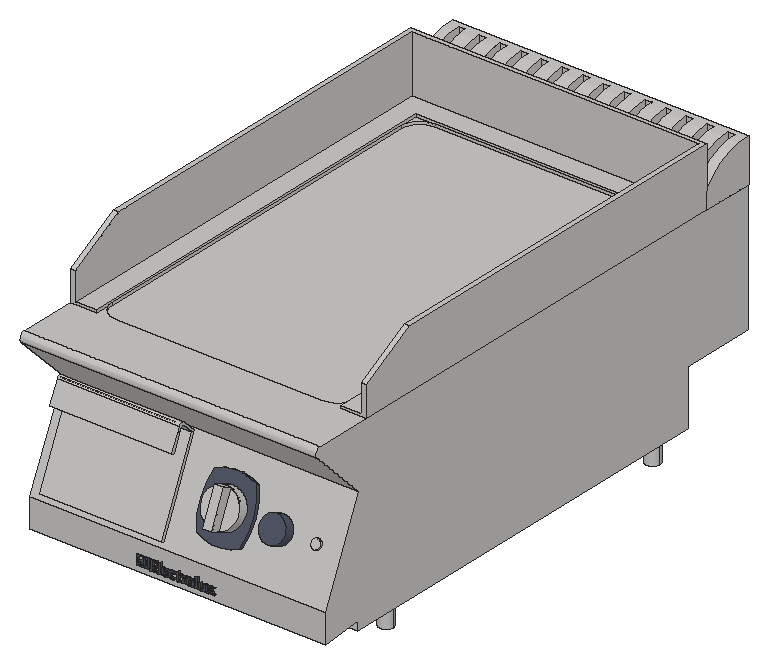
Revit family "QF_ELECTROLUXPROFESSIONAL_Professional_371320_E7IIKAAOMCA", category Specialty Equipment, Revit 2018
Family settings
  Round Connector Dimension = Use Diameter
  Part Type = Normal
  Work Plane-Based = No
  Always vertical = Yes
  Cut with Voids When Loaded = No
  Shared = No
  Room Calculation Point = No
Parameters
  Width = 400.05 mm  # constant formula
  Weight in Pounds = 88  # constant formula
  Watts = 0 W
  URL Cutsheet = "www.electrolux.com/foodservice"
  URL = "www.electrolux.com/foodservice"
  Type Mark [instance] = ""
  Status [instance] = ""
  Specification by User [instance] = ""
  Specification by Manufacturer = ""
  Show Logo [instance] = yes
  Show Clearance [instance] = yes
  Serial Number = ""
  Seismic Rating = ""
  SMACNA No = ""
  Revision Code [instance] = ""
  Omniclass Number and Title = ""
  NAFEM Spec ID Number = ""
  Model = "371029"
  Mechanical Remarks = ""
  Mechanical Connection Type = ""
  Masterspec = ""
  Manufacturer = "ELECTROLUX"
  Item Number [instance] = ""
  Installed By [instance] = ""
  Identify Quantity as Lot [instance] = yes
  Height = 355 mm  # constant formula
  HP = "0 HP"
  Gas Size = 12.7 mm  # 1/2"
  Gas RI Height [instance] = 0 mm
  Gas KW = 7  # constant formula
  Gas Input [instance] = 6993.55 VA  # 23863.0 Btu/h
  Gas Connection Height = 0 mm
  Furnished By [instance] = ""
  Foodservice Equipment Identifier [instance] = yes
  Direct Waste Size = 0"
  Description = "700XP Half Module Gas Fry Top, Smooth Plate, Mild Steel"
  Depth = 730.25 mm  # constant formula
  CSI MasterFormat = ""
  CSI Master Format = ""
  Base Height [instance] = 23.813 mm  # constant formula
  Assembly Code = ""
Reference planes
  plane 1 "BACK": y = 0
  plane 2: z = 0
  plane 3 "LEFT": x = 0
  plane 4 "RIGHT": x = 400.05
  plane 5 "FRONT": y = -730.25
  plane 6 "TOP": z = 288.925
  plane 7 "Center Y": x = 200.025
  plane 8 "Center X": y = -365.125
  plane 9 "BASE": z = 23.813
  plane 10 "TOP A": z = 274.638
  plane 11: y = -597.884
  plane 12: y = -147.637
  plane 13: z = 355
Forms (mm)
  Extrusion 1, solid, material "QF_Finishes_Stainless Steel"
    sketch origin (0, 0, 0) x (0, 1, 0) y (0, 0, 1)
      loop
        line (0, 274.638) -> (-722.794, 274.638)
        arc (-722.794, 274.638) -> (-729.611, 270.083) -> (-728.011, 262.042) r 7.378
        line (-728.011, 262.042) -> (-657.416, 191.447) -> (-713.772, 69.003) -> (-713.772, 30.903) -> (-660.4, 36.513) -> (-660.4, 23.812) -> (-101.6, 23.812) -> (-101.6, 98.425) -> (0, 98.425) -> (0, 274.638)
    from 0 to 400.05
  Extrusion 2, void
    sketch origin (0, -2.381, 274.638) x (-1, 0, 0) y (0, -1, 0)
      loop
        arc (-60.425, 102.504) -> (-42.464, 109.943) -> (-35.025, 127.904) r 25.4
        line (-35.025, 127.904) -> (-35.025, 617.104)
        arc (-35.025, 617.104) -> (-42.464, 635.064) -> (-60.425, 642.504) r 25.4
        line (-60.425, 642.504) -> (-339.625, 642.504)
        arc (-339.625, 642.504) -> (-357.586, 635.064) -> (-365.025, 617.104) r 25.4
        line (-365.025, 617.104) -> (-365.025, 127.904)
        arc (-365.025, 127.904) -> (-357.586, 109.943) -> (-339.625, 102.504) r 25.4
        line (-339.625, 102.504) -> (-60.425, 102.504)
    from 0 to -3.2
  Extrusion 3, solid, material "QF_Finishes_Stainless Steel"
    sketch origin (0, 0, 0) x (1, 0, 0) y (0, 1, 0)
      loop
        circle (11.112, -147.638) r 9.525
      loop
        circle (11.112, -597.884) r 9.525
      loop
        circle (388.937, -147.638) r 9.525
      loop
        circle (388.937, -597.884) r 9.525
    from 0 to 23.813
  Extrusion 4, solid, material "QF_Finishes_Navy Blue", visible <- "Show Logo"
    sketch origin (-141.676, -713.772, 30.903) x (0, 0, 1) y (-1, 0, 0)
      loop
        line (20.674, -296.698) -> (8.307, -296.698)
        arc (8.307, -296.698) -> (14.491, -301.27) -> (20.674, -296.698) r 6.467
      loop
        arc (20.674, -296.069) -> (19.505, -290.926) -> (14.849, -288.448) r 6.338
        line (14.849, -288.448) -> (14.849, -290.494)
        arc (14.849, -290.494) -> (16.333, -294.149) -> (19.778, -296.069) r 5.941
        line (19.778, -296.069) -> (20.674, -296.069)
      loop
        arc (9.203, -296.069) -> (12.648, -294.149) -> (14.132, -290.494) r 5.941
        line (14.132, -290.494) -> (14.132, -288.448)
        arc (14.132, -288.448) -> (9.438, -290.922) -> (8.148, -296.069) r 6.504
        line (8.148, -296.069) -> (9.203, -296.069)
      loop
        line (21.349, -287.979) -> (7.604, -287.979) -> (7.604, -301.742) -> (21.349, -301.742) -> (21.349, -287.979)
      loop
        arc (21.432, -304.71) -> (21.085, -304.352) -> (20.718, -304.69) r 0.358
        arc (20.718, -304.69) -> (20.404, -305.44) -> (19.687, -305.825) r 1.216
        line (19.687, -305.825) -> (9.274, -305.825)
        arc (9.274, -305.825) -> (8.614, -305.548) -> (8.218, -304.951) r 1.238
        arc (8.218, -304.951) -> (7.823, -304.7) -> (7.518, -305.054) r 0.358
        line (7.518, -305.054) -> (7.518, -314.933) -> (10.269, -314.933) -> (10.269, -314.036)
        arc (10.269, -314.036) -> (9.36, -313.456) -> (8.904, -312.479) r 1.928
        line (8.904, -312.479) -> (8.904, -309.98)
        arc (8.904, -309.98) -> (9.18, -309.251) -> (9.868, -308.887) r 1.101
        line (9.868, -308.887) -> (13.955, -308.887) -> (13.955, -312.561)
        arc (13.955, -312.561) -> (13.602, -313.058) -> (13.037, -313.286) r 1.083
        arc (13.037, -313.286) -> (12.773, -313.591) -> (13.065, -313.869) r 0.292
        line (13.065, -313.869) -> (16.028, -313.869)
        arc (16.028, -313.869) -> (16.33, -313.596) -> (16.092, -313.266) r 0.305
        arc (16.092, -313.266) -> (15.601, -313.018) -> (15.296, -312.561) r 1.083
        line (15.296, -312.561) -> (15.296, -308.887) -> (19.973, -308.887) -> (19.973, -312.635)
        arc (19.973, -312.635) -> (19.759, -313.39) -> (19.153, -313.888) r 1.314
        arc (19.153, -313.888) -> (18.934, -314.292) -> (19.288, -314.585) r 0.361
        line (19.288, -314.585) -> (21.432, -314.585) -> (21.432, -304.71)
      loop
        arc (20.715, -315.365) -> (20.335, -316.284) -> (19.416, -316.664) r 1.299
        line (19.416, -316.664) -> (9.837, -316.664)
        arc (9.837, -316.664) -> (8.999, -316.286) -> (8.728, -315.408) r 1.118
        line (8.728, -315.408) -> (7.518, -315.408) -> (7.518, -320.758) -> (8.706, -320.758)
        arc (8.706, -320.758) -> (8.978, -319.841) -> (9.848, -319.445) r 1.153
        line (9.848, -319.445) -> (21.92, -319.445) -> (20.715, -315.365)
      loop
        line (12.483, -323.394) -> (12.483, -329.842) -> (13.282, -329.842)
        arc (13.282, -329.842) -> (15.862, -328.857) -> (17.131, -326.404) r 3.874
        line (17.131, -326.404) -> (17.131, -324.643)
        arc (17.131, -324.643) -> (15.944, -321.778) -> (13.08, -320.592) r 4.051
        line (13.08, -320.592) -> (11.072, -320.592)
        arc (11.072, -320.592) -> (8.253, -322.077) -> (7.202, -325.084) r 4.352
        arc (7.202, -325.084) -> (7.566, -327.547) -> (8.943, -329.621) r 5.713
        line (8.943, -329.621) -> (9.892, -329.621)
        arc (9.892, -329.621) -> (9.16, -328.052) -> (8.943, -326.334) r 5.579
        arc (8.943, -326.334) -> (9.737, -324.371) -> (11.616, -323.394) r 3.057
        line (11.616, -323.394) -> (12.483, -323.394)
      loop
        line (13.742, -323.394) -> (13.742, -326.977)
        arc (13.742, -326.977) -> (15.199, -327.024) -> (16.082, -325.864) r 1.59
        line (16.082, -325.864) -> (16.082, -325.034)
        arc (16.082, -325.034) -> (15.217, -323.779) -> (13.742, -323.394) r 2.184
      loop
        arc (16.533, -339.259) -> (17.022, -337.585) -> (17.179, -335.848) r 9.023
        line (17.179, -335.848) -> (17.179, -334.486)
        arc (17.179, -334.486) -> (16.02, -331.686) -> (13.22, -330.527) r 3.959
        line (13.22, -330.527) -> (10.62, -330.527)
        arc (10.62, -330.527) -> (8.338, -331.819) -> (7.221, -334.192) r 4.331
        line (7.221, -334.192) -> (7.221, -336.327)
        arc (7.221, -336.327) -> (7.729, -337.877) -> (8.651, -339.223) r 5.772
        arc (8.651, -339.223) -> (9.412, -339.274) -> (9.499, -338.515) r 0.553
        arc (9.499, -338.515) -> (9.111, -337.781) -> (8.977, -336.962) r 2.573
        line (8.977, -336.962) -> (8.977, -335.447)
        arc (8.977, -335.447) -> (9.983, -333.806) -> (11.798, -333.163) r 2.884
        line (11.798, -333.163) -> (13.077, -333.163)
        arc (13.077, -333.163) -> (14.898, -333.723) -> (15.824, -335.388) r 2.554
        line (15.824, -335.388) -> (15.824, -336.441)
        arc (15.824, -336.441) -> (15.493, -337.369) -> (14.836, -338.104) r 2.564
        arc (14.836, -338.104) -> (14.614, -338.821) -> (15.223, -339.259) r 0.643
        line (15.223, -339.259) -> (16.533, -339.259)
      loop
        line (15.515, -339.53) -> (15.515, -341.031) -> (9.467, -341.031)
        arc (9.467, -341.031) -> (7.879, -341.688) -> (7.221, -343.276) r 2.246
        line (7.221, -343.276) -> (7.221, -344.86)
        arc (7.221, -344.86) -> (7.535, -345.725) -> (8.035, -346.496) r 4.06
        arc (8.035, -346.496) -> (8.768, -346.629) -> (9.019, -345.928) r 0.576
        arc (9.019, -345.928) -> (8.913, -345.403) -> (8.977, -344.87) r 1.69
        arc (8.977, -344.87) -> (9.519, -344.082) -> (10.425, -343.779) r 1.506
        line (10.425, -343.779) -> (15.563, -343.779) -> (15.563, -346.176) -> (16.119, -346.733) -> (16.941, -346.733) -> (16.941, -343.873) -> (20.172, -343.873) -> (15.515, -339.53)
      loop
        line (7.438, -347.63) -> (7.438, -353.017) -> (8.548, -353.017)
        arc (8.548, -353.017) -> (8.942, -352.066) -> (9.893, -351.672) r 1.345
        line (9.893, -351.672) -> (13.509, -351.672)
        arc (13.509, -351.672) -> (14.274, -352.264) -> (14.564, -353.186) r 1.615
        line (14.564, -353.186) -> (14.564, -354.742) -> (17.119, -355.427) -> (17.119, -354.044) -> (15.177, -351.485) -> (17.057, -351.485) -> (16.773, -348.779)
        arc (16.773, -348.779) -> (16.333, -348.249) -> (15.674, -348.45) r 0.621
        arc (15.674, -348.45) -> (15.274, -348.792) -> (14.78, -348.975) r 1.501
        line (14.78, -348.975) -> (9.893, -348.975)
        arc (9.893, -348.975) -> (8.942, -348.581) -> (8.548, -347.63) r 1.345
        line (8.548, -347.63) -> (7.438, -347.63)
      loop
        line (13.54, -354.964) -> (10.848, -354.964)
        arc (10.848, -354.964) -> (8.403, -356.272) -> (7.269, -358.803) r 4.288
        arc (7.269, -358.803) -> (7.205, -360.183) -> (7.269, -361.563) r 15.022
        arc (7.269, -361.563) -> (8.403, -364.094) -> (10.848, -365.401) r 4.288
        line (10.848, -365.401) -> (13.54, -365.401)
        arc (13.54, -365.401) -> (15.986, -364.094) -> (17.119, -361.563) r 4.288
        arc (17.119, -361.563) -> (17.183, -360.183) -> (17.119, -358.803) r 15.022
        arc (17.119, -358.803) -> (15.986, -356.272) -> (13.54, -354.964) r 4.288
      loop
        line (13.745, -358.078) -> (10.643, -358.078)
        arc (10.643, -358.078) -> (8.486, -360.235) -> (10.643, -362.392) r 2.157
        line (10.643, -362.392) -> (13.745, -362.392)
        arc (13.745, -362.392) -> (15.902, -360.235) -> (13.745, -358.078) r 2.157
      loop
        arc (20.726, -365.26) -> (20.355, -366.154) -> (19.461, -366.524) r 1.264
        line (19.461, -366.524) -> (9.597, -366.524)
        arc (9.597, -366.524) -> (8.727, -366.127) -> (8.455, -365.211) r 1.153
        line (8.455, -365.211) -> (7.518, -365.211) -> (7.518, -370.319) -> (8.446, -370.319)
        arc (8.446, -370.319) -> (8.805, -369.547) -> (9.597, -369.232) r 1.153
        line (9.597, -369.232) -> (21.92, -369.232) -> (20.726, -365.26)
      loop
        arc (15.846, -369.857) -> (15.647, -370.921) -> (14.678, -371.403) r 1.215
        line (14.678, -371.403) -> (9.658, -371.403)
        arc (9.658, -371.403) -> (8.043, -372.051) -> (7.322, -373.634) r 2.338
        line (7.322, -373.634) -> (7.322, -375.148)
        arc (7.322, -375.148) -> (7.497, -376.152) -> (7.999, -377.038) r 2.979
        line (7.999, -377.038) -> (7.518, -378.835) -> (7.518, -380.524) -> (16.943, -380.524) -> (16.649, -376.32) -> (15.863, -376.32)
        arc (15.863, -376.32) -> (15.507, -377.156) -> (14.755, -377.665) r 1.605
        line (14.755, -377.665) -> (9.652, -377.665)
        arc (9.652, -377.665) -> (9.232, -376.728) -> (9.159, -375.704) r 2.94
        arc (9.159, -375.704) -> (9.72, -374.603) -> (10.873, -374.16) r 1.724
        line (10.873, -374.16) -> (17.07, -374.16) -> (15.846, -369.857)
      loop
        line (16.874, -381.377) -> (15.202, -383.423) -> (12.028, -385.729) -> (8.572, -382.617)
        arc (8.572, -382.617) -> (8.335, -382.223) -> (8.357, -381.764) r 0.789
        line (8.357, -381.764) -> (7.518, -381.764) -> (7.518, -385.309) -> (8.344, -385.309)
        arc (8.344, -385.309) -> (8.686, -384.947) -> (9.176, -385.039) r 0.52
        line (9.176, -385.039) -> (10.976, -386.51) -> (8.858, -387.886)
        arc (8.858, -387.886) -> (8.457, -387.576) -> (8.37, -387.076) r 0.7
        line (8.37, -387.076) -> (7.518, -387.076) -> (7.518, -393.003) -> (8.405, -393.003)
        arc (8.405, -393.003) -> (8.472, -392.344) -> (8.866, -391.813) r 1.247
        line (8.866, -391.813) -> (13.066, -388.532) -> (15.513, -390.585) -> (16.874, -392.327) -> (16.874, -388.604) -> (15.389, -389.026) -> (13.868, -387.749) -> (15.568, -386.559) -> (16.874, -387.336) -> (16.874, -381.377)
    from 0 to 1.644
  Extrusion 5, solid, material "QF_Finishes_Stainless Steel"
    sketch origin (0, -101.6, 101.6) x (0, 0, -1) y (-1, 0, 0)
      loop
        circle (43.882, -347.663) r 6.35
    from 0 to 3.175
  Extrusion 6, solid, material "QF_Finishes_Clearance", visible <- "Show Clearance", detail levels coarse
    sketch origin (0, 0, 0) x (1, 0, 0) y (0, 1, 0)
      loop
        line (0, -730.25) -> (0, 0) -> (400.05, 0) -> (400.05, -730.25) -> (550.069, -730.25) -> (550.069, 150.019) -> (-150.019, 150.019) -> (-150.019, -730.25) -> (0, -730.25)
    from 0 to 355
  Extrusion 7, solid, material "QF_Finishes_Stainless Steel"
    sketch origin (0, 0, 0) x (0, 1, 0) y (0, 0, 1)
      loop
        line (-658.831, 188.372) -> (-675.238, 204.778)
        arc (-675.238, 204.778) -> (-679.705, 206.181) -> (-683.409, 203.316) r 5.058
        line (-683.409, 203.316) -> (-696.071, 175.806) -> (-693.187, 174.479) -> (-680.525, 201.989)
        arc (-680.525, 201.989) -> (-679.146, 203.055) -> (-677.483, 202.533) r 1.883
        line (-677.483, 202.533) -> (-662.64, 187.69) -> (-713.474, 77.245) -> (-710.589, 75.918) -> (-658.831, 188.372)
    from 12.7 to 177.8
  Extrusion 8, solid, material "QF_Finishes_Drawer Clearance", visible <- "Show Clearance", detail levels coarse
    sketch origin (0, -101.6, 0) x (0, 1, 0) y (0, 0, 1)
      loop
        line (-660.751, 174.479) -> (-648.089, 201.989)
        arc (-648.089, 201.989) -> (-646.71, 203.055) -> (-645.046, 202.533) r 1.883
        line (-645.046, 202.533) -> (-630.204, 187.69) -> (-681.037, 77.245) -> (-678.153, 75.918) -> (-608.989, 75.918) -> (-557.231, 188.372) -> (-573.638, 204.778)
        arc (-573.638, 204.778) -> (-574.873, 205.685) -> (-576.323, 206.181) r 5.058
        line (-576.323, 206.181) -> (-647.269, 206.181)
        arc (-647.269, 206.181) -> (-649.472, 205.203) -> (-650.973, 203.316) r 5.058
        line (-650.973, 203.316) -> (-663.635, 175.806) -> (-660.751, 174.479)
    from 12.7 to 177.8
  Extrusion 9, solid, material "QF_Finishes_Stainless Steel"
    sketch origin (0, 0, 0) x (0, 1, 0) y (0, 0, 1)
      loop
        line (0, 274.638) -> (0, 333.375)
        arc (0, 333.375) -> (-38.879, 324.991) -> (-69.85, 300.038) r 86.156
        line (-69.85, 300.038) -> (-69.85, 274.638) -> (0, 274.638)
    from 0 to 400.05
  Extrusion 10, void
    sketch origin (0, 0, 274.638) x (-1, 0, 0) y (0, -1, 0)
      loop
        line (-13.453, 6.761) -> (-13.453, 63.911) -> (-22.749, 63.911) -> (-22.749, 6.761) -> (-13.453, 6.761)
    from 25.4 to 63.5
  Extrusion 11, void
    sketch origin (400.05, 0, 274.638) x (1, 0, 0) y (0, 1, 0)
      loop
        line (-13.453, -6.761) -> (-22.749, -6.761) -> (-22.749, -63.911) -> (-13.453, -63.911) -> (-13.453, -6.761)
    from 25.4 to 63.5
  Extrusion 12, void
    sketch origin (27.988, 0, 274.638) x (-1, 0, 0) y (0, -1, 0)
      loop
        line (-13.453, 6.761) -> (-13.453, 63.911) -> (-22.749, 63.911) -> (-22.749, 6.761) -> (-13.453, 6.761)
    from 25.4 to 63.5
  Extrusion 13, void
    sketch origin (55.977, 0, 274.638) x (-1, 0, 0) y (0, -1, 0)
      loop
        line (-13.453, 6.761) -> (-13.453, 63.911) -> (-22.749, 63.911) -> (-22.749, 6.761) -> (-13.453, 6.761)
    from 25.4 to 63.5
  Extrusion 14, void
    sketch origin (83.965, 0, 274.638) x (-1, 0, 0) y (0, -1, 0)
      loop
        line (-13.453, 6.761) -> (-13.453, 63.911) -> (-22.749, 63.911) -> (-22.749, 6.761) -> (-13.453, 6.761)
    from 25.4 to 63.5
  Extrusion 15, void
    sketch origin (111.953, 0, 274.638) x (-1, 0, 0) y (0, -1, 0)
      loop
        line (-13.453, 6.761) -> (-13.453, 63.911) -> (-22.749, 63.911) -> (-22.749, 6.761) -> (-13.453, 6.761)
    from 25.4 to 63.5
  Extrusion 16, void
    sketch origin (139.942, 0, 274.638) x (-1, 0, 0) y (0, -1, 0)
      loop
        line (-13.453, 6.761) -> (-13.453, 63.911) -> (-22.749, 63.911) -> (-22.749, 6.761) -> (-13.453, 6.761)
    from 25.4 to 63.5
  Extrusion 17, void
    sketch origin (167.93, 0, 274.638) x (-1, 0, 0) y (0, -1, 0)
      loop
        line (-13.453, 6.761) -> (-13.453, 63.911) -> (-22.749, 63.911) -> (-22.749, 6.761) -> (-13.453, 6.761)
    from 25.4 to 63.5
  Extrusion 18, void
    sketch origin (195.918, 0, 274.638) x (-1, 0, 0) y (0, -1, 0)
      loop
        line (-13.453, 6.761) -> (-13.453, 63.911) -> (-22.749, 63.911) -> (-22.749, 6.761) -> (-13.453, 6.761)
    from 25.4 to 63.5
  Extrusion 19, void
    sketch origin (223.907, 0, 274.638) x (-1, 0, 0) y (0, -1, 0)
      loop
        line (-13.453, 6.761) -> (-13.453, 63.911) -> (-22.749, 63.911) -> (-22.749, 6.761) -> (-13.453, 6.761)
    from 25.4 to 63.5
  Extrusion 20, void
    sketch origin (251.895, 0, 274.638) x (-1, 0, 0) y (0, -1, 0)
      loop
        line (-13.453, 6.761) -> (-13.453, 63.911) -> (-22.749, 63.911) -> (-22.749, 6.761) -> (-13.453, 6.761)
    from 25.4 to 63.5
  Extrusion 21, void
    sketch origin (279.884, 0, 274.638) x (-1, 0, 0) y (0, -1, 0)
      loop
        line (-13.453, 6.761) -> (-13.453, 63.911) -> (-22.749, 63.911) -> (-22.749, 6.761) -> (-13.453, 6.761)
    from 25.4 to 63.5
  Extrusion 22, void
    sketch origin (307.872, 0, 274.638) x (-1, 0, 0) y (0, -1, 0)
      loop
        line (-13.453, 6.761) -> (-13.453, 63.911) -> (-22.749, 63.911) -> (-22.749, 6.761) -> (-13.453, 6.761)
    from 25.4 to 63.5
  Extrusion 23, void
    sketch origin (335.86, 0, 274.638) x (-1, 0, 0) y (0, -1, 0)
      loop
        line (-13.453, 6.761) -> (-13.453, 63.911) -> (-22.749, 63.911) -> (-22.749, 6.761) -> (-13.453, 6.761)
    from 25.4 to 63.5
  Sweep 24, solid, material "QF_Finishes_Stainless Steel"
    path origin (0, -2.381, 274.638) x (-1, 0, 0) y (0, -1, 0)
      loop
        line (-365.025, 642.504) -> (-365.025, 102.504) -> (-35.025, 102.504) -> (-35.025, 642.504)
    profile origin (35.025, -374.885, 274.638) x (1, 0, 0) y (0, 0, 1)
      loop
        line (-35.025, 0) -> (0, 0) -> (0, 3.175) -> (-28.675, 3.175) -> (-28.675, 80.363) -> (-35.025, 80.362) -> (-35.025, 0)
  Extrusion 25, void
    sketch origin (0, -69.86, 274.638) x (0, 1, 0) y (0, 0, 1)
      loop
        line (-575.025, 40.481) -> (-501.995, 80.363) -> (-575.025, 80.363) -> (-575.025, 40.481)
    from 0 to 6.35
  Extrusion 26, void
    sketch origin (400.05, -644.885, 274.638) x (0, -1, 0) y (0, 0, 1)
      loop
        line (0, 40.481) -> (0, 80.362) -> (-73.03, 80.362) -> (0, 40.481)
    from 0 to 6.35
  Extrusion 27, solid, material "QF_Finishes_Navy Blue"
    sketch origin (85.294, -713.772, 69.003) x (0, 0.418102, 0.9084) y (-1, 0, 0)
      loop
        arc (102.623, -132.62) -> (67.041, -124.996) -> (31.333, -132.003) r 90.5
        arc (31.333, -132.003) -> (24.507, -161.19) -> (31.333, -190.378) r 65.817
        arc (31.333, -190.378) -> (67.04, -197.338) -> (102.623, -189.765) r 91.066
        arc (102.623, -189.765) -> (109.179, -161.193) -> (102.623, -132.62) r 65.546
    from 0 to 3.175
  Extrusion 28, solid, material "QF_Finishes_Stainless Steel"
    sketch origin (85.294, -717.485, 68.529) x (0, 0.418102, 0.9084) y (-1, 0, 0)
      loop
        circle (68.826, -160.963) r 25.4
    from 0 to 12.7
  Extrusion 29, solid, material "QF_Finishes_Stainless Steel"
    sketch origin (85.294, -729.022, 73.839) x (0, 0.418102, 0.9084) y (-1, 0, 0)
      loop
        arc (93.558, -166.749) -> (94.226, -160.963) -> (93.558, -155.177) r 25.4
        line (93.558, -155.177) -> (44.094, -155.177)
        arc (44.094, -155.177) -> (43.426, -160.963) -> (44.094, -166.749) r 25.4
        line (44.094, -166.749) -> (93.558, -166.749)
    from 0 to 12.7
  Extrusion 30, solid, material "QF_Finishes_Navy Blue"
    sketch origin (0, -713.772, 69.003) x (0, 0.418102, 0.9084) y (-1, 0, 0)
      loop
        circle (65.471, -315.169) r 17.78
    from 0 to 12.7
  Extrusion 31, solid, material "QF_Finishes_Stainless Steel"
    sketch origin (0, -713.772, 69.003) x (0, 0.418102, 0.9084) y (-1, 0, 0)
      loop
        circle (65.471, -365.969) r 6.35
    from 0 to 1.588
Cuts and joins
  Extrusion 2 cuts Extrusion 1
  Extrusion 10, Extrusion 11, Extrusion 12, Extrusion 13, Extrusion 14, Extrusion 15, Extrusion 16, Extrusion 17, Extrusion 18, Extrusion 19, Extrusion 20, Extrusion 21, Extrusion 22, Extrusion 23 cuts Extrusion 9
  Extrusion 25, Extrusion 26 cuts Sweep 24
Lines and regions (mm)
  symbolic lines, style "QF-Clearances", visible <- "Show Clearance", detail levels coarse
    curve 1: line (-150.019, 150.019, 274.638) -> (-150.019, -730.25, 274.638)
    curve 2: line (550.069, 150.019, 274.638) -> (-150.019, 150.019, 274.638)
    curve 3: line (550.069, -731.627, 274.638) -> (550.069, 150.019, 274.638)
  symbolic lines
    curve 4: line (0, 0, 274.638) -> (400.05, 0, 274.638)
    curve 5: line (0, -730.25, 274.638) -> (0, 0, 274.638)
    curve 6: line (400.05, 0, 274.638) -> (400.05, -730.25, 274.638)
    curve 7: line (35.025, -130.285, 274.638) -> (35.025, -644.885, 274.638)
    curve 8: arc (35.025, -619.485, 274.638) -> (42.464, -637.445, 274.638) -> (60.425, -644.885, 274.638) r 25.4
    curve 9: line (0, -644.885, 274.638) -> (35.025, -644.885, 274.638)
    curve 10: arc (339.625, -644.885, 274.638) -> (357.586, -637.445, 274.638) -> (365.025, -619.485, 274.638) r 25.4
    curve 11: line (365.025, -644.885, 274.638) -> (365.025, -130.285, 274.638)
    curve 12: line (339.625, -104.885, 274.638) -> (60.425, -104.885, 274.638)
    curve 13: line (0, -69.85, 274.638) -> (400.05, -69.85, 274.638)
    curve 14: line (400.05, -730.25, 274.638) -> (0, -730.25, 274.638)
    curve 15: arc (60.425, -104.885, 274.638) -> (42.464, -112.324, 274.638) -> (35.025, -130.285, 274.638) r 25.4
    curve 16: arc (339.625, -104.885, 274.638) -> (357.586, -112.324, 274.638) -> (365.025, -130.285, 274.638) r 25.4
    curve 17: line (6.35, -76.21, 274.638) -> (6.35, -644.885, 274.638)
    curve 18: line (6.35, -76.21, 274.638) -> (393.7, -76.21, 274.638)
    curve 19: line (393.7, -76.21, 274.638) -> (393.7, -644.885, 274.638)
    curve 20: line (13.453, -6.761, 274.638) -> (22.749, -6.761, 274.638)
    curve 21: line (13.453, -63.911, 274.638) -> (13.453, -6.761, 274.638)
    curve 22: line (22.749, -63.911, 274.638) -> (13.453, -63.911, 274.638)
    curve 23: line (22.749, -6.761, 274.638) -> (22.749, -63.911, 274.638)
    curve 24: line (41.441, -6.761, 274.638) -> (50.737, -6.761, 274.638)
    curve 25: line (41.441, -63.911, 274.638) -> (41.441, -6.761, 274.638)
    curve 26: line (50.737, -63.911, 274.638) -> (41.441, -63.911, 274.638)
    curve 27: line (50.737, -6.761, 274.638) -> (50.737, -63.911, 274.638)
    curve 28: line (69.43, -6.761, 274.638) -> (78.725, -6.761, 274.638)
    curve 29: line (69.43, -63.911, 274.638) -> (69.43, -6.761, 274.638)
    curve 30: line (78.725, -63.911, 274.638) -> (69.43, -63.911, 274.638)
    curve 31: line (78.725, -6.761, 274.638) -> (78.725, -63.911, 274.638)
    curve 32: line (97.418, -6.761, 274.638) -> (106.714, -6.761, 274.638)
    curve 33: line (97.418, -63.911, 274.638) -> (97.418, -6.761, 274.638)
    curve 34: line (106.714, -63.911, 274.638) -> (97.418, -63.911, 274.638)
    curve 35: line (106.714, -6.761, 274.638) -> (106.714, -63.911, 274.638)
    curve 36: line (125.406, -6.761, 274.638) -> (134.702, -6.761, 274.638)
    curve 37: line (125.406, -63.911, 274.638) -> (125.406, -6.761, 274.638)
    curve 38: line (134.702, -63.911, 274.638) -> (125.406, -63.911, 274.638)
    curve 39: line (134.702, -6.761, 274.638) -> (134.702, -63.911, 274.638)
    curve 40: line (153.395, -6.761, 274.638) -> (162.69, -6.761, 274.638)
    curve 41: line (153.395, -63.911, 274.638) -> (153.395, -6.761, 274.638)
    curve 42: line (162.69, -63.911, 274.638) -> (153.395, -63.911, 274.638)
    curve 43: line (162.69, -6.761, 274.638) -> (162.69, -63.911, 274.638)
    curve 44: line (181.383, -6.761, 274.638) -> (190.679, -6.761, 274.638)
    curve 45: line (181.383, -63.911, 274.638) -> (181.383, -6.761, 274.638)
    curve 46: line (190.679, -63.911, 274.638) -> (181.383, -63.911, 274.638)
    curve 47: line (190.679, -6.761, 274.638) -> (190.679, -63.911, 274.638)
    curve 48: line (209.371, -6.761, 274.638) -> (218.667, -6.761, 274.638)
    curve 49: line (209.371, -63.911, 274.638) -> (209.371, -6.761, 274.638)
    curve 50: line (218.667, -63.911, 274.638) -> (209.371, -63.911, 274.638)
    curve 51: line (218.667, -6.761, 274.638) -> (218.667, -63.911, 274.638)
    curve 52: line (237.36, -6.761, 274.638) -> (246.655, -6.761, 274.638)
    curve 53: line (237.36, -63.911, 274.638) -> (237.36, -6.761, 274.638)
    curve 54: line (246.655, -63.911, 274.638) -> (237.36, -63.911, 274.638)
    curve 55: line (246.655, -6.761, 274.638) -> (246.655, -63.911, 274.638)
    curve 56: line (265.348, -6.761, 274.638) -> (274.644, -6.761, 274.638)
    curve 57: line (265.348, -63.911, 274.638) -> (265.348, -6.761, 274.638)
    curve 58: line (274.644, -63.911, 274.638) -> (265.348, -63.911, 274.638)
    curve 59: line (274.644, -6.761, 274.638) -> (274.644, -63.911, 274.638)
    curve 60: line (293.336, -6.761, 274.638) -> (302.632, -6.761, 274.638)
    curve 61: line (293.336, -63.911, 274.638) -> (293.336, -6.761, 274.638)
    curve 62: line (302.632, -63.911, 274.638) -> (293.336, -63.911, 274.638)
    curve 63: line (302.632, -6.761, 274.638) -> (302.632, -63.911, 274.638)
    curve 64: line (321.325, -6.761, 274.638) -> (330.62, -6.761, 274.638)
    curve 65: line (321.325, -63.911, 274.638) -> (321.325, -6.761, 274.638)
    curve 66: line (330.62, -63.911, 274.638) -> (321.325, -63.911, 274.638)
    curve 67: line (330.62, -6.761, 274.638) -> (330.62, -63.911, 274.638)
    curve 68: line (349.313, -6.761, 274.638) -> (358.609, -6.761, 274.638)
    curve 69: line (349.313, -63.911, 274.638) -> (349.313, -6.761, 274.638)
    curve 70: line (358.609, -63.911, 274.638) -> (349.313, -63.911, 274.638)
    curve 71: line (358.609, -6.761, 274.638) -> (358.609, -63.911, 274.638)
    curve 72: line (377.301, -6.761, 274.638) -> (386.597, -6.761, 274.638)
    curve 73: line (377.301, -63.911, 274.638) -> (377.301, -6.761, 274.638)
    curve 74: line (386.597, -63.911, 274.638) -> (377.301, -63.911, 274.638)
    curve 75: line (386.597, -6.761, 274.638) -> (386.597, -63.911, 274.638)
    curve 76: line (365.025, -644.885, 274.638) -> (400.05, -644.885, 274.638)
    curve 77: line (60.425, -644.885, 274.638) -> (339.625, -644.885, 274.638)
  symbolic lines, style "QF_Drawer Clearance"
    curve 78: line (12.7, -730.25, 0) -> (12.7, -782.637, 0)
    curve 79: line (12.7, -782.637, 0) -> (177.8, -782.637, 0)
    curve 80: line (177.8, -782.637, 0) -> (177.8, -730.25, 0)
Dimensions and locks
  equal spacing: plane 3 "LEFT", plane 7 "Center Y", plane 4 "RIGHT"
  "Width": plane 3 "LEFT" to plane 4 "RIGHT"
  equal spacing: plane 5 "FRONT", plane 8 "Center X", plane 1 "BACK"
  "Depth": plane 5 "FRONT" to plane 1 "BACK"
  plane 1 "BACK" to plane 5 "FRONT" = 730.25 mm
  "Base Height": plane 9 "BASE" to level
  locked: plane 10 "TOP A" to plane 9 "BASE" at 250.825
  plane 4 "RIGHT" to Extrusion 5 sketch curve = 52.388 mm
  Sweep 24 sketch curve to level = 355 mm
  plane 10 "TOP A" to plane 9 "BASE" = 250.825 mm
  plane 9 "BASE" to level = 23.813 mm
  plane 9 "BASE" to cut or joined group of Extrusion 1, Extrusion 2 = 74.612 mm
  "Height": plane 13 to level
  Extrusion 5 sketch curve to plane 9 "BASE" = 33.906 mm
  aligned and locked: level to plane 2
  aligned and locked: plane 4 "RIGHT" to Extrusion 1
  aligned and locked: plane 9 "BASE" to Extrusion 3
  aligned: plane 6 "TOP" to Extrusion 6
  aligned and locked: Extrusion 6 to plane 13
Automatic sketch dimensions
  plane 1 "BACK" to Extrusion 14 sketch curve = 6.761 mm
  Extrusion 14 sketch curve to plane 7 "Center Y" = 93.311 mm
  Extrusion 14 sketch curve to Extrusion 14 sketch curve = 9.296 mm
  Extrusion 14 sketch curve to Extrusion 14 sketch curve = 57.15 mm
  plane 1 "BACK" to Extrusion 15 sketch curve = 6.761 mm
  Extrusion 15 sketch curve to plane 7 "Center Y" = 65.323 mm
  Extrusion 15 sketch curve to Extrusion 15 sketch curve = 9.296 mm
  Extrusion 15 sketch curve to Extrusion 15 sketch curve = 57.15 mm
  plane 1 "BACK" to Extrusion 16 sketch curve = 6.761 mm
  Extrusion 16 sketch curve to plane 7 "Center Y" = 37.335 mm
  Extrusion 16 sketch curve to Extrusion 16 sketch curve = 9.296 mm
  Extrusion 16 sketch curve to Extrusion 16 sketch curve = 57.15 mm
  Extrusion 17 sketch curve to plane 7 "Center Y" = 9.346 mm
  Extrusion 17 sketch curve to Extrusion 17 sketch curve = 9.296 mm
  plane 1 "BACK" to Extrusion 17 sketch curve = 6.761 mm
  Extrusion 17 sketch curve to Extrusion 17 sketch curve = 57.15 mm
  plane 1 "BACK" to Extrusion 18 sketch curve = 6.761 mm
  plane 7 "Center Y" to Extrusion 18 sketch curve = 18.642 mm
  Extrusion 18 sketch curve to Extrusion 18 sketch curve = 9.296 mm
  Extrusion 18 sketch curve to Extrusion 18 sketch curve = 57.15 mm
  plane 1 "BACK" to Extrusion 19 sketch curve = 6.761 mm
  plane 7 "Center Y" to Extrusion 19 sketch curve = 46.63 mm
  Extrusion 19 sketch curve to Extrusion 19 sketch curve = 9.296 mm
  Extrusion 19 sketch curve to Extrusion 19 sketch curve = 57.15 mm
  plane 1 "BACK" to Extrusion 20 sketch curve = 6.761 mm
  plane 7 "Center Y" to Extrusion 20 sketch curve = 74.619 mm
  Extrusion 20 sketch curve to Extrusion 20 sketch curve = 9.296 mm
  Extrusion 20 sketch curve to Extrusion 20 sketch curve = 57.15 mm
  Extrusion 2 sketch curve to plane 4 "RIGHT" = 35.025 mm
  Extrusion 2 sketch curve to Extrusion 2 sketch curve = 25.4 mm  (x3)
  Extrusion 2 sketch curve to plane 12 = 17.353 mm
  plane 3 "LEFT" to Extrusion 2 sketch curve = 60.425 mm  (x2)
  plane 11 to Extrusion 2 sketch curve = 21.6 mm
  plane 11 to Extrusion 3 sketch curve = 0 mm  (x2)
  plane 12 to Extrusion 3 sketch curve = 0 mm  (x2)
  plane 3 "LEFT" to Extrusion 3 sketch curve = 11.112 mm  (x2)
  Extrusion 3 sketch curve to plane 4 "RIGHT" = 11.113 mm  (x2)
  Extrusion 4 sketch curve to Extrusion 1 = 2.161 mm
  Extrusion 4 sketch curve to Extrusion 1 = 7.202 mm
  Extrusion 4 sketch curve to Extrusion 1 = 7.221 mm  (x2)
  Extrusion 4 sketch curve to Extrusion 4 sketch curve = 5.108 mm  (x2)
  Extrusion 4 sketch curve to Extrusion 4 sketch curve = 0 mm  (x27)
  Extrusion 4 sketch curve to Extrusion 1 = 7.322 mm
  Extrusion 4 sketch curve to Extrusion 4 sketch curve = 0.218 mm
  Extrusion 4 sketch curve to Extrusion 4 sketch curve = 0.195 mm
  Extrusion 4 sketch curve to Extrusion 4 sketch curve = 0.249 mm
  Extrusion 4 sketch curve to Extrusion 1 = 7.518 mm
  Extrusion 4 sketch curve to Extrusion 4 sketch curve = 0.087 mm
  Extrusion 4 sketch curve to Extrusion 4 sketch curve = 0.358 mm
  Extrusion 4 sketch curve to Extrusion 4 sketch curve = 0.481 mm
  Extrusion 4 sketch curve to Extrusion 4 sketch curve = 0.597 mm
  Extrusion 4 sketch curve to Extrusion 4 sketch curve = 0.544 mm
  Extrusion 4 sketch curve to Extrusion 4 sketch curve = 0.936 mm
  Extrusion 4 sketch curve to Extrusion 4 sketch curve = 0.594 mm
  Extrusion 4 sketch curve to Extrusion 4 sketch curve = 0.343 mm
  Extrusion 4 sketch curve to Extrusion 4 sketch curve = 0.159 mm
  Extrusion 4 sketch curve to Extrusion 4 sketch curve = 0.826 mm
  Extrusion 4 sketch curve to Extrusion 4 sketch curve = 0.839 mm
  Extrusion 4 sketch curve to Extrusion 4 sketch curve = 0.852 mm
  Extrusion 4 sketch curve to Extrusion 4 sketch curve = 0.887 mm
  Extrusion 4 sketch curve to Extrusion 4 sketch curve = 0.928 mm
  Extrusion 4 sketch curve to Extrusion 4 sketch curve = 0.938 mm
  Extrusion 4 sketch curve to Extrusion 4 sketch curve = 0.444 mm
  Extrusion 4 sketch curve to Extrusion 4 sketch curve = 1.11 mm  (x3)
  Extrusion 4 sketch curve to Extrusion 4 sketch curve = 0.215 mm
  Extrusion 4 sketch curve to Extrusion 4 sketch curve = 1.43 mm
  Extrusion 4 sketch curve to Extrusion 4 sketch curve = 1.188 mm
  Extrusion 4 sketch curve to Extrusion 4 sketch curve = 1.21 mm  (x2)
  Extrusion 4 sketch curve to Extrusion 4 sketch curve = 0.503 mm
  Extrusion 4 sketch curve to Extrusion 4 sketch curve = 0.488 mm
  Extrusion 4 sketch curve to Extrusion 4 sketch curve = 0.462 mm
  Extrusion 4 sketch curve to Extrusion 4 sketch curve = 1.386 mm
  Extrusion 4 sketch curve to Extrusion 4 sketch curve = 1.742 mm  (x2)
  Extrusion 4 sketch curve to Extrusion 4 sketch curve = 0.821 mm
  Extrusion 4 sketch curve to Extrusion 4 sketch curve = 0.497 mm
  Extrusion 4 sketch curve to Extrusion 4 sketch curve = 0.539 mm
  Extrusion 4 sketch curve to Extrusion 4 sketch curve = 0.686 mm
  Extrusion 4 sketch curve to Extrusion 4 sketch curve = 0.408 mm
  Extrusion 4 sketch curve to Extrusion 4 sketch curve = 0.743 mm
  Extrusion 4 sketch curve to Extrusion 4 sketch curve = 1.16 mm
  Extrusion 4 sketch curve to Extrusion 4 sketch curve = 0.329 mm
  Extrusion 4 sketch curve to Extrusion 4 sketch curve = 1.054 mm
  Extrusion 4 sketch curve to Extrusion 4 sketch curve = 1.056 mm
  Extrusion 4 sketch curve to Extrusion 4 sketch curve = 0.129 mm
  Extrusion 4 sketch curve to Extrusion 4 sketch curve = 0.489 mm
  Extrusion 4 sketch curve to Extrusion 4 sketch curve = 0.441 mm
  Extrusion 4 sketch curve to Extrusion 4 sketch curve = 1.151 mm
  Extrusion 4 sketch curve to Extrusion 4 sketch curve = 1.141 mm  (x2)
  Extrusion 4 sketch curve to Extrusion 4 sketch curve = 0.768 mm
  Extrusion 4 sketch curve to Extrusion 4 sketch curve = 1.653 mm
  Extrusion 4 sketch curve to Extrusion 4 sketch curve = 0.499 mm
  Extrusion 4 sketch curve to Extrusion 4 sketch curve = 0.964 mm
  Extrusion 4 sketch curve to Extrusion 4 sketch curve = 0.949 mm
  Extrusion 4 sketch curve to Extrusion 4 sketch curve = 1.345 mm  (x3)
  Extrusion 4 sketch curve to Extrusion 4 sketch curve = 1.101 mm
  Extrusion 4 sketch curve to Extrusion 4 sketch curve = 0.432 mm
  Extrusion 4 sketch curve to Extrusion 4 sketch curve = 1.142 mm
  Extrusion 4 sketch curve to Extrusion 4 sketch curve = 0.959 mm
  Extrusion 4 sketch curve to Extrusion 4 sketch curve = 0.176 mm
  Extrusion 4 sketch curve to Extrusion 4 sketch curve = 0.728 mm
  Extrusion 4 sketch curve to Extrusion 4 sketch curve = 3.375 mm  (x2)
  Extrusion 4 sketch curve to Extrusion 4 sketch curve = 0.541 mm
  Extrusion 4 sketch curve to Extrusion 4 sketch curve = 0.955 mm
  Extrusion 4 sketch curve to Extrusion 4 sketch curve = 1.251 mm
  Extrusion 4 sketch curve to Extrusion 4 sketch curve = 0.572 mm
  Extrusion 4 sketch curve to Extrusion 4 sketch curve = 1.92 mm
  Extrusion 4 sketch curve to Extrusion 4 sketch curve = 1.224 mm
  Extrusion 4 sketch curve to Extrusion 4 sketch curve = 0.745 mm
  Extrusion 4 sketch curve to Extrusion 4 sketch curve = 2.537 mm
  Extrusion 4 sketch curve to Extrusion 4 sketch curve = 0.896 mm  (x3)
  Extrusion 4 sketch curve to Extrusion 4 sketch curve = 0.036 mm
  Extrusion 4 sketch curve to Extrusion 4 sketch curve = 2.607 mm
  Extrusion 4 sketch curve to Extrusion 4 sketch curve = 0.066 mm
  Extrusion 4 sketch curve to Extrusion 4 sketch curve = 0.248 mm
  Extrusion 4 sketch curve to Extrusion 4 sketch curve = 0.449 mm
  Extrusion 4 sketch curve to Extrusion 4 sketch curve = 1.052 mm
  Extrusion 4 sketch curve to Extrusion 4 sketch curve = 1.863 mm
  Extrusion 4 sketch curve to Extrusion 4 sketch curve = 1.31 mm  (x2)
  Extrusion 4 sketch curve to Extrusion 4 sketch curve = 0.901 mm
  Extrusion 4 sketch curve to Extrusion 4 sketch curve = 1.107 mm
  Extrusion 4 sketch curve to Extrusion 4 sketch curve = 2.122 mm
  Extrusion 4 sketch curve to Extrusion 4 sketch curve = 2.101 mm
  Extrusion 4 sketch curve to Extrusion 4 sketch curve = 0.106 mm
  Extrusion 4 sketch curve to Extrusion 4 sketch curve = 0.029 mm
  Extrusion 4 sketch curve to Extrusion 4 sketch curve = 2.09 mm
  Extrusion 4 sketch curve to Extrusion 4 sketch curve = 1.279 mm
  Extrusion 4 sketch curve to Extrusion 4 sketch curve = 2.008 mm
  Extrusion 4 sketch curve to Extrusion 4 sketch curve = 0.738 mm
  Extrusion 4 sketch curve to Extrusion 4 sketch curve = 0.382 mm
  Extrusion 4 sketch curve to Extrusion 4 sketch curve = 0.384 mm
  Extrusion 4 sketch curve to Extrusion 4 sketch curve = 0.002 mm
  Extrusion 4 sketch curve to Extrusion 4 sketch curve = 0.561 mm
  Extrusion 4 sketch curve to Extrusion 4 sketch curve = 0.592 mm
  Extrusion 4 sketch curve to Extrusion 4 sketch curve = 2.692 mm
  Extrusion 4 sketch curve to Extrusion 4 sketch curve = 1.259 mm
  Extrusion 4 sketch curve to Extrusion 4 sketch curve = 0.802 mm
  Extrusion 4 sketch curve to Extrusion 4 sketch curve = 1.024 mm
  Extrusion 4 sketch curve to Extrusion 4 sketch curve = 0.682 mm
  Extrusion 4 sketch curve to Extrusion 4 sketch curve = 5.934 mm
  Extrusion 4 sketch curve to Extrusion 4 sketch curve = 2.186 mm
  Extrusion 4 sketch curve to Extrusion 4 sketch curve = 0.337 mm
  Extrusion 4 sketch curve to Extrusion 4 sketch curve = 0.021 mm
  Extrusion 4 sketch curve to Extrusion 4 sketch curve = 1.005 mm
  Extrusion 4 sketch curve to Extrusion 4 sketch curve = 0.552 mm
  Extrusion 4 sketch curve to Extrusion 4 sketch curve = 0.778 mm
  Extrusion 4 sketch curve to Extrusion 4 sketch curve = 0.063 mm
  Extrusion 4 sketch curve to Extrusion 4 sketch curve = 1.023 mm
  Extrusion 4 sketch curve to Extrusion 4 sketch curve = 3.804 mm
  Extrusion 4 sketch curve to Extrusion 4 sketch curve = 0.486 mm
  Extrusion 4 sketch curve to Extrusion 4 sketch curve = 0.266 mm
  Extrusion 4 sketch curve to Extrusion 4 sketch curve = 1.547 mm
  Extrusion 4 sketch curve to Extrusion 4 sketch curve = 0.717 mm  (x2)
  Extrusion 4 sketch curve to Extrusion 4 sketch curve = 1.667 mm
  Extrusion 4 sketch curve to Extrusion 4 sketch curve = 3.174 mm
  Extrusion 4 sketch curve to Extrusion 4 sketch curve = 0.388 mm
  Extrusion 4 sketch curve to Extrusion 4 sketch curve = 1.342 mm
  Extrusion 4 sketch curve to Extrusion 4 sketch curve = 1.521 mm
  Extrusion 4 sketch curve to Extrusion 4 sketch curve = 0.124 mm
  Extrusion 4 sketch curve to Extrusion 4 sketch curve = 0.291 mm
  Extrusion 4 sketch curve to Extrusion 4 sketch curve = 1.049 mm  (x2)
  Extrusion 4 sketch curve to Extrusion 4 sketch curve = 1.7 mm
  Extrusion 4 sketch curve to Extrusion 4 sketch curve = 0.894 mm
  Extrusion 4 sketch curve to Extrusion 4 sketch curve = 0.989 mm
  Extrusion 4 sketch curve to Extrusion 4 sketch curve = 1.168 mm
  Extrusion 4 sketch curve to Extrusion 4 sketch curve = 1.594 mm
  Extrusion 4 sketch curve to Extrusion 4 sketch curve = 0.731 mm
  Extrusion 4 sketch curve to Extrusion 4 sketch curve = 1.566 mm
  Extrusion 4 sketch curve to Extrusion 4 sketch curve = 0.064 mm
  Extrusion 4 sketch curve to Extrusion 4 sketch curve = 0.556 mm  (x2)
  Extrusion 4 sketch curve to Extrusion 4 sketch curve = 0.48 mm
  Extrusion 4 sketch curve to Extrusion 4 sketch curve = 0.228 mm
  Extrusion 4 sketch curve to Extrusion 4 sketch curve = 1.018 mm
  Extrusion 4 sketch curve to Extrusion 4 sketch curve = 0.787 mm
  Extrusion 4 sketch curve to Extrusion 4 sketch curve = 0.618 mm
  Extrusion 4 sketch curve to Extrusion 4 sketch curve = 1.672 mm
  Extrusion 1 to Extrusion 4 sketch curve = 149.399 mm
  Extrusion 4 sketch curve to Extrusion 4 sketch curve = 1.361 mm
  Extrusion 4 sketch curve to Extrusion 4 sketch curve = 0.822 mm
  Extrusion 4 sketch curve to Extrusion 4 sketch curve = 0.069 mm
  Extrusion 4 sketch curve to Extrusion 4 sketch curve = 1.88 mm
  Extrusion 4 sketch curve to Extrusion 4 sketch curve = 0.42 mm
  Extrusion 4 sketch curve to Extrusion 4 sketch curve = 0.062 mm
  Extrusion 4 sketch curve to Extrusion 4 sketch curve = 1.355 mm
  Extrusion 4 sketch curve to Extrusion 4 sketch curve = 2.34 mm
  Extrusion 4 sketch curve to Extrusion 4 sketch curve = 0.493 mm
  Extrusion 4 sketch curve to Extrusion 4 sketch curve = 0.136 mm
  Extrusion 4 sketch curve to Extrusion 4 sketch curve = 0.128 mm
  Extrusion 4 sketch curve to Extrusion 4 sketch curve = 3.616 mm
  Extrusion 4 sketch curve to Extrusion 4 sketch curve = 4.207 mm
  Extrusion 4 sketch curve to Extrusion 4 sketch curve = 0.183 mm
  Extrusion 4 sketch curve to Extrusion 4 sketch curve = 0.895 mm
  Extrusion 4 sketch curve to Extrusion 4 sketch curve = 1.314 mm
  Extrusion 4 sketch curve to Extrusion 4 sketch curve = 3.231 mm
  Extrusion 4 sketch curve to Extrusion 4 sketch curve = 1.299 mm
  Extrusion 4 sketch curve to Extrusion 4 sketch curve = 1.214 mm
  Extrusion 4 sketch curve to Extrusion 4 sketch curve = 1.264 mm
  Extrusion 4 sketch curve to Extrusion 4 sketch curve = 0.109 mm
  Extrusion 4 sketch curve to Extrusion 4 sketch curve = 0.357 mm
  Extrusion 4 sketch curve to Extrusion 4 sketch curve = 0.565 mm
  Extrusion 4 sketch curve to Extrusion 4 sketch curve = 2.504 mm
  Extrusion 4 sketch curve to Extrusion 4 sketch curve = 2.459 mm
  Extrusion 1 to Extrusion 4 sketch curve = 148.931 mm
  Extrusion 4 sketch curve to Extrusion 4 sketch curve = 0.208 mm
  Extrusion 4 sketch curve to Extrusion 4 sketch curve = 1.559 mm
  Extrusion 4 sketch curve to Extrusion 4 sketch curve = 0.422 mm  (x2)
  Extrusion 4 sketch curve to Extrusion 4 sketch curve = 0.494 mm
  Extrusion 4 sketch curve to Extrusion 4 sketch curve = 3.927 mm
  Extrusion 4 sketch curve to Extrusion 4 sketch curve = 0.782 mm
  Extrusion 4 sketch curve to Extrusion 4 sketch curve = 1.268 mm
  Extrusion 4 sketch curve to Extrusion 4 sketch curve = 0.671 mm
  Extrusion 4 sketch curve to Extrusion 4 sketch curve = 0.777 mm
  Extrusion 4 sketch curve to Extrusion 4 sketch curve = 0.704 mm
  Extrusion 4 sketch curve to Extrusion 4 sketch curve = 0.781 mm  (x2)
  Extrusion 4 sketch curve to Extrusion 4 sketch curve = 1.634 mm
  Extrusion 4 sketch curve to Extrusion 4 sketch curve = 0.132 mm
  Extrusion 4 sketch curve to Extrusion 4 sketch curve = 3.136 mm
  Extrusion 4 sketch curve to Extrusion 4 sketch curve = 2.422 mm
  Extrusion 4 sketch curve to Extrusion 4 sketch curve = 0.586 mm
  Extrusion 4 sketch curve to Extrusion 4 sketch curve = 2.046 mm  (x2)
  Extrusion 4 sketch curve to Extrusion 4 sketch curve = 1.241 mm
  Extrusion 4 sketch curve to Extrusion 4 sketch curve = 1.689 mm
  Extrusion 4 sketch curve to Extrusion 4 sketch curve = 2.859 mm
  Extrusion 4 sketch curve to Extrusion 4 sketch curve = 0.627 mm
  Extrusion 4 sketch curve to Extrusion 4 sketch curve = 0.863 mm
  Extrusion 4 sketch curve to Extrusion 4 sketch curve = 0.419 mm
  Extrusion 4 sketch curve to Extrusion 4 sketch curve = 1.514 mm
  Extrusion 4 sketch curve to Extrusion 4 sketch curve = 1.019 mm
  Extrusion 4 sketch curve to Extrusion 4 sketch curve = 0.065 mm
  Extrusion 4 sketch curve to Extrusion 4 sketch curve = 1.215 mm
  Extrusion 4 sketch curve to Extrusion 4 sketch curve = 2.708 mm
  Extrusion 4 sketch curve to Extrusion 4 sketch curve = 1.122 mm
  Extrusion 4 sketch curve to Extrusion 4 sketch curve = 1.153 mm
  Extrusion 4 sketch curve to Extrusion 4 sketch curve = 3.009 mm
  Extrusion 4 sketch curve to Extrusion 4 sketch curve = 0.829 mm  (x2)
  Extrusion 4 sketch curve to Extrusion 4 sketch curve = 0.934 mm
  Extrusion 4 sketch curve to Extrusion 4 sketch curve = 3.376 mm
  Extrusion 4 sketch curve to Extrusion 4 sketch curve = 0.222 mm
  Extrusion 4 sketch curve to Extrusion 4 sketch curve = 1.383 mm
  Extrusion 4 sketch curve to Extrusion 4 sketch curve = 1.556 mm
  Extrusion 4 sketch curve to Extrusion 4 sketch curve = 2.559 mm
  Extrusion 4 sketch curve to Extrusion 4 sketch curve = 2.51 mm
  Extrusion 4 sketch curve to Extrusion 4 sketch curve = 0.131 mm
  Extrusion 4 sketch curve to Extrusion 4 sketch curve = 1.717 mm
  Extrusion 4 sketch curve to Extrusion 4 sketch curve = 1.134 mm
  Extrusion 4 sketch curve to Extrusion 4 sketch curve = 0.366 mm
  Extrusion 4 sketch curve to Extrusion 4 sketch curve = 0.094 mm
  Extrusion 4 sketch curve to Extrusion 4 sketch curve = 1.584 mm
  Extrusion 4 sketch curve to Extrusion 4 sketch curve = 1.501 mm
  Extrusion 4 sketch curve to Extrusion 4 sketch curve = 0.27 mm
  Extrusion 4 sketch curve to Extrusion 4 sketch curve = 1.808 mm
  Extrusion 4 sketch curve to Extrusion 4 sketch curve = 0.643 mm
  Extrusion 4 sketch curve to Extrusion 4 sketch curve = 0.916 mm
  Extrusion 4 sketch curve to Extrusion 4 sketch curve = 0.352 mm
  Extrusion 4 sketch curve to Extrusion 4 sketch curve = 0.458 mm
  Extrusion 4 sketch curve to Extrusion 4 sketch curve = 1.282 mm
  Extrusion 4 sketch curve to Extrusion 4 sketch curve = 1.363 mm
  Extrusion 4 sketch curve to Extrusion 4 sketch curve = 0.685 mm
  Extrusion 4 sketch curve to Extrusion 4 sketch curve = 0.905 mm
  Extrusion 4 sketch curve to Extrusion 4 sketch curve = 2.865 mm
  Extrusion 4 sketch curve to Extrusion 4 sketch curve = 0.472 mm
  Extrusion 4 sketch curve to Extrusion 4 sketch curve = 0.101 mm
  Extrusion 4 sketch curve to Extrusion 4 sketch curve = 0.54 mm
  Extrusion 4 sketch curve to Extrusion 4 sketch curve = 0.02 mm
  Extrusion 4 sketch curve to Extrusion 4 sketch curve = 0.468 mm
  Extrusion 4 sketch curve to Extrusion 4 sketch curve = 0.582 mm
  Extrusion 4 sketch curve to Extrusion 4 sketch curve = 0.166 mm
  Extrusion 4 sketch curve to Extrusion 4 sketch curve = 0.16 mm
  Extrusion 4 sketch curve to Extrusion 4 sketch curve = 2.781 mm
  Extrusion 4 sketch curve to Extrusion 4 sketch curve = 1.118 mm
  Extrusion 4 sketch curve to Extrusion 4 sketch curve = 0.613 mm
  Extrusion 4 sketch curve to Extrusion 4 sketch curve = 0.361 mm
  Extrusion 4 sketch curve to Extrusion 4 sketch curve = 0.897 mm
  Extrusion 4 sketch curve to Extrusion 4 sketch curve = 0.167 mm
  Extrusion 4 sketch curve to Extrusion 4 sketch curve = 0.292 mm
  Extrusion 4 sketch curve to Extrusion 4 sketch curve = 0.305 mm
  Extrusion 4 sketch curve to Extrusion 4 sketch curve = 1.557 mm
  Extrusion 4 sketch curve to Extrusion 4 sketch curve = 2.499 mm
  Extrusion 4 sketch curve to Extrusion 4 sketch curve = 3.062 mm
  Extrusion 4 sketch curve to Extrusion 4 sketch curve = 2.968 mm
  Extrusion 4 sketch curve to Extrusion 4 sketch curve = 5.044 mm
  Extrusion 4 sketch curve to Extrusion 4 sketch curve = 0.629 mm  (x2)
  Extrusion 4 sketch curve to Extrusion 4 sketch curve = 1.131 mm
  Extrusion 4 sketch curve to Extrusion 4 sketch curve = 0.137 mm
  Extrusion 4 sketch curve to Extrusion 4 sketch curve = 0.027 mm
  Extrusion 4 sketch curve to Extrusion 4 sketch curve = 2.235 mm
  plane 1 "BACK" to Extrusion 6 sketch curve = 0 mm
  Extrusion 6 sketch curve to plane 3 "LEFT" = 0 mm
  Extrusion 6 sketch curve to plane 4 "RIGHT" = 0 mm
  Extrusion 6 sketch curve to plane 3 "LEFT" = 150.019 mm
  plane 5 "FRONT" to Extrusion 6 sketch curve = 0 mm  (x2)
  plane 4 "RIGHT" to Extrusion 6 sketch curve = 150.019 mm
  Extrusion 6 sketch curve to plane 1 "BACK" = 150.019 mm
  curve 14 to plane 4 "RIGHT" = 0 mm
  curve 14 to plane 3 "LEFT" = 0 mm
  plane 1 "BACK" to curve 5 = 0 mm
  plane 4 "RIGHT" to curve 3 = 150.019 mm
  curve 19 to plane 4 "RIGHT" = 6.35 mm
  curve 75 to plane 4 "RIGHT" = 13.453 mm
  curve 74 to curve 74 = 9.296 mm
  curve 16 to plane 4 "RIGHT" = 35.025 mm
  plane 1 "BACK" to curve 71 = 6.761 mm
  curve 72 to curve 71 = 18.693 mm
  curve 68 to curve 69 = 9.296 mm
  curve 16 to curve 16 = 25.4 mm
  curve 69 to curve 67 = 18.693 mm
  curve 64 to curve 64 = 9.296 mm
  curve 65 to curve 63 = 18.693 mm
  curve 62 to curve 62 = 9.296 mm
  curve 61 to curve 59 = 18.693 mm
  curve 56 to curve 57 = 9.296 mm
  plane 1 "BACK" to curve 52 = 6.761 mm
  curve 56 to curve 52 = 18.693 mm
  curve 54 to curve 54 = 9.296 mm
  plane 1 "BACK" to curve 51 = 6.761 mm
  plane 7 "Center Y" to curve 51 = 18.642 mm
  curve 50 to curve 50 = 9.296 mm
  curve 47 to plane 7 "Center Y" = 9.346 mm
  curve 44 to curve 45 = 9.296 mm
  plane 1 "BACK" to curve 40 = 6.761 mm
  curve 44 to curve 40 = 18.693 mm
  curve 40 to curve 41 = 9.296 mm
  curve 41 to curve 39 = 18.693 mm
  curve 38 to curve 37 = 9.296 mm
  curve 37 to curve 34 = 18.693 mm
  curve 32 to curve 33 = 9.296 mm
  curve 33 to curve 31 = 18.693 mm
  curve 30 to curve 29 = 9.296 mm
  curve 15 to plane 12 = 17.353 mm
  plane 3 "LEFT" to curve 15 = 60.425 mm
  curve 29 to curve 26 = 18.693 mm
  curve 26 to curve 26 = 9.296 mm
  plane 1 "BACK" to curve 20 = 6.761 mm
  curve 24 to curve 20 = 18.693 mm
  curve 20 to curve 21 = 9.296 mm
  plane 3 "LEFT" to curve 17 = 6.35 mm
  plane 5 "FRONT" to curve 1 = 0 mm
  curve 1 to plane 3 "LEFT" = 150.019 mm
  curve 2 to plane 1 "BACK" = 150.019 mm
  plane 1 "BACK" to curve 72 = 6.761 mm
  plane 1 "BACK" to curve 67 = 6.761 mm
  plane 1 "BACK" to curve 63 = 6.761 mm
  plane 1 "BACK" to curve 59 = 6.761 mm
  plane 1 "BACK" to curve 47 = 6.761 mm
  plane 1 "BACK" to curve 39 = 6.761 mm
  plane 1 "BACK" to curve 35 = 6.761 mm
  plane 1 "BACK" to curve 31 = 6.761 mm
  plane 1 "BACK" to curve 24 = 6.761 mm
  curve 26 to curve 15 = 40.974 mm
  curve 23 to curve 25 = 0 mm
  curve 26 to curve 29 = 0 mm
  curve 74 to curve 12 = 40.974 mm
  curve 30 to curve 33 = 0 mm
  curve 71 to curve 73 = 0 mm
  curve 34 to curve 37 = 0 mm
  curve 67 to curve 69 = 0 mm
  curve 38 to curve 41 = 0 mm
  curve 63 to curve 65 = 0 mm
  curve 42 to curve 45 = 0 mm
  curve 59 to curve 61 = 0 mm
  curve 46 to curve 49 = 0 mm
  curve 55 to curve 57 = 0 mm
  curve 74 to curve 13 = 5.939 mm
  curve 13 to curve 18 = 6.36 mm
  plane 11 to curve 10 = 21.6 mm
  plane 5 "FRONT" to curve 3 = 1.377 mm
  Extrusion 7 sketch curve to Extrusion 7 sketch curve = 0 mm  (x2)
  Extrusion 7 sketch curve to plane 5 "FRONT" = 16.776 mm
  Extrusion 7 sketch curve to Extrusion 7 sketch curve = 2.884 mm  (x3)
  Extrusion 7 sketch curve to plane 5 "FRONT" = 34.179 mm
  Extrusion 7 sketch curve to Extrusion 7 sketch curve = 12.662 mm
  Extrusion 7 sketch curve to Extrusion 7 sketch curve = 1.711 mm
  Extrusion 7 sketch curve to Extrusion 7 sketch curve = 1.332 mm
  Extrusion 7 sketch curve to Extrusion 7 sketch curve = 2.245 mm
  Extrusion 7 sketch curve to Extrusion 7 sketch curve = 14.843 mm
  Extrusion 7 sketch curve to Extrusion 7 sketch curve = 3.809 mm
  plane 9 "BASE" to Extrusion 7 sketch curve = 52.105 mm
  Extrusion 7 sketch curve to Extrusion 7 sketch curve = 1.327 mm  (x2)
  Extrusion 7 sketch curve to Extrusion 7 sketch curve = 13.211 mm
  Extrusion 7 sketch curve to Extrusion 7 sketch curve = 0.787 mm
  Extrusion 8 sketch curve to Extrusion 8 sketch curve = 0 mm  (x2)
  plane 5 "FRONT" to Extrusion 8 sketch curve = 52.387 mm
  Extrusion 8 sketch curve to Extrusion 8 sketch curve = 2.884 mm  (x3)
  plane 5 "FRONT" to Extrusion 8 sketch curve = 34.985 mm
  plane 5 "FRONT" to Extrusion 8 sketch curve = 22.323 mm
  Extrusion 8 sketch curve to Extrusion 8 sketch curve = 0.82 mm
  Extrusion 8 sketch curve to Extrusion 8 sketch curve = 1.711 mm
  Extrusion 8 sketch curve to Extrusion 8 sketch curve = 1.332 mm
  plane 5 "FRONT" to Extrusion 8 sketch curve = 1.554 mm
  Extrusion 8 sketch curve to plane 5 "FRONT" = 19.661 mm
  Extrusion 8 sketch curve to plane 5 "FRONT" = 51.436 mm
  Extrusion 8 sketch curve to Extrusion 8 sketch curve = 0.891 mm
  Extrusion 8 sketch curve to Extrusion 8 sketch curve = 2.686 mm
  Extrusion 8 sketch curve to Extrusion 8 sketch curve = 16.406 mm
  plane 9 "BASE" to Extrusion 8 sketch curve = 52.105 mm
  Extrusion 8 sketch curve to Extrusion 8 sketch curve = 1.327 mm  (x2)
  Extrusion 8 sketch curve to Extrusion 8 sketch curve = 13.211 mm
  Extrusion 8 sketch curve to Extrusion 8 sketch curve = 0.681 mm
  Extrusion 8 sketch curve to Extrusion 8 sketch curve = 0.787 mm
  Extrusion 8 sketch curve to Extrusion 8 sketch curve = 4.979 mm
  Extrusion 9 sketch curve to plane 10 "TOP A" = 0 mm
  Extrusion 9 sketch curve to plane 1 "BACK" = 0 mm
  plane 1 "BACK" to Extrusion 9 sketch curve = 1.769 mm
  plane 6 "TOP" to Extrusion 9 sketch curve = 11.113 mm
  plane 1 "BACK" to Extrusion 9 sketch curve = 69.85 mm
  Extrusion 9 sketch curve to plane 10 "TOP A" = 27.4 mm
  plane 1 "BACK" to Extrusion 10 sketch curve = 6.761 mm
  plane 3 "LEFT" to Extrusion 10 sketch curve = 22.749 mm
  Extrusion 10 sketch curve to Extrusion 10 sketch curve = 9.296 mm
  Extrusion 10 sketch curve to Extrusion 10 sketch curve = 57.15 mm
  Extrusion 11 sketch curve to plane 1 "BACK" = 6.761 mm
  plane 4 "RIGHT" to Extrusion 11 sketch curve = 22.749 mm
  Extrusion 11 sketch curve to Extrusion 11 sketch curve = 9.296 mm
  Extrusion 11 sketch curve to Extrusion 11 sketch curve = 57.15 mm
  plane 1 "BACK" to Extrusion 12 sketch curve = 6.761 mm
  plane 3 "LEFT" to Extrusion 12 sketch curve = 50.737 mm
  Extrusion 12 sketch curve to Extrusion 12 sketch curve = 9.296 mm
  Extrusion 12 sketch curve to Extrusion 12 sketch curve = 57.15 mm
  plane 1 "BACK" to Extrusion 13 sketch curve = 6.761 mm
  plane 3 "LEFT" to Extrusion 13 sketch curve = 78.725 mm
  Extrusion 13 sketch curve to Extrusion 13 sketch curve = 9.296 mm
  Extrusion 13 sketch curve to Extrusion 13 sketch curve = 57.15 mm
  plane 1 "BACK" to Extrusion 21 sketch curve = 6.761 mm
  Extrusion 21 sketch curve to plane 4 "RIGHT" = 97.418 mm
  Extrusion 21 sketch curve to Extrusion 21 sketch curve = 9.296 mm
  Extrusion 21 sketch curve to Extrusion 21 sketch curve = 57.15 mm
  plane 1 "BACK" to Extrusion 22 sketch curve = 6.761 mm
  Extrusion 22 sketch curve to plane 4 "RIGHT" = 69.43 mm
  Extrusion 22 sketch curve to Extrusion 22 sketch curve = 9.296 mm
  Extrusion 22 sketch curve to Extrusion 22 sketch curve = 57.15 mm
  plane 1 "BACK" to Extrusion 23 sketch curve = 6.761 mm
  Extrusion 23 sketch curve to plane 4 "RIGHT" = 41.441 mm
  Extrusion 23 sketch curve to Extrusion 23 sketch curve = 9.296 mm
